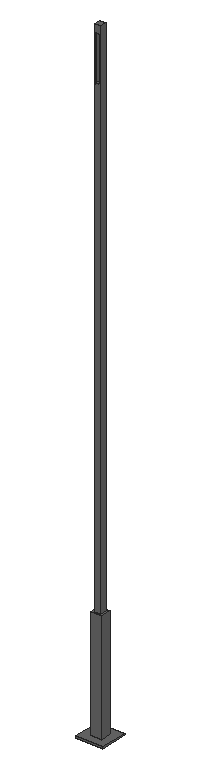
Revit family "Zumtobel SUPERSYSTEM Outdoor Pole", category Lighting Fixtures, Revit 2016
Family settings
  Part Type = Normal
  Round Connector Dimension = Use Diameter
  OmniClass Number = 23.80.70.00
  OmniClass Title = Lighting
  Work Plane-Based = No
  Always vertical = Yes
  Cut with Voids When Loaded = No
  Light Source = No
  Shared = No
  Room Calculation Point = No
Parameters (values of type "FO POLE 6M ST Q100/Q60 CHMM MPL SUS CL")
  Underground Part = no
  URL = "http://www.zumtobel.com/24162591"
  Pole Height = 6000 mm
  Pole = Zumtobel_Metal_Black
  Model = "24162591"
  Manufacturer = "Zumtobel Lighting"  # constant formula
  Description = "SUPERSYSTEM Outdoor Pole"  # constant formula
  Base Plate = yes
Types (5, lengths in mm): name | Underground Part | URL | Pole Height | Model | Base Plate
  (no name) | no | "http://www.zumtobel.com/24162591" | 6000 | "24162591" | yes
  FO POLE 4,5M ST Q100/Q60 CHMM MGS SUS CL | yes | "http://www.zumtobel.com/24162588" | 4500 | "24162588" | no
  FO POLE 4,5M ST Q100/Q60 CHMM MPL SUS CL | no | "http://www.zumtobel.com/24162589" | 4500 | "24162589" | yes
  FO POLE 6M ST Q100/Q60 CHMM MGS SUS CL | yes | "http://www.zumtobel.com/24162590" | 6000 | "24162590" | no
  FO POLE 6M ST Q100/Q60 CHMM MPL SUS CL | no | "http://www.zumtobel.com/24162591" | 6000 | "24162591" | yes
Reference planes
  plane 1 "Light Source Axis (F/B)": y = 0
  plane 2 "Bottom": z = 0
  plane 3 "Light Source Axis (L/R)": x = 0
  plane 4 "Light Source Elevation": z = 5714.5
  plane 5: z = -900
  plane 6: z = 1050
  plane 7: z = 6000
  plane 8: z = 5930
  plane 9: z = 5499
  plane 10: z = 12
Forms (mm)
  Extrusion 1, solid, material "Zumtobel_Metal_Black" <- "Pole", visible <- "Base Plate"
    sketch origin (0, 0, 0) x (1, 0, 0) y (0, 1, 0)
      loop
        line (-130, -130) -> (130, -130) -> (130, 130) -> (-130, 130) -> (-130, -130)
    from 0 to 12
  Extrusion 2, solid, material "Zumtobel_Metal_Black" <- "Pole", visible <- "Base Plate"
    sketch origin (0, 0, 0) x (1, 0, 0) y (0, 1, 0)
      loop
        line (-50, -50) -> (50, -50) -> (50, 50) -> (-50, 50) -> (-50, -50)
    from 12 to 1050
  Extrusion 3, solid, material "Zumtobel_Metal_Black" <- "Pole", visible <- "Underground Part"
    sketch origin (0, 0, -1050) x (1, 0, 0) y (0, 1, 0)
      loop
        line (-50, -50) -> (50, -50) -> (50, 50) -> (-50, 50) -> (-50, -50)
    from 150 to 1050
  Extrusion 4, solid, material "Zumtobel_Metal_Black" <- "Pole"
    sketch origin (0, 0, 1038) x (1, 0, 0) y (0, 1, 0)
      loop
        line (-30, -30) -> (30, -30) -> (30, 30) -> (-30, 30) -> (-30, -30)
    from 12 to 4461
  Extrusion 5, solid, material "Zumtobel_Metal_Black" <- "Pole"
    sketch origin (0, 0, 1539) x (1, 0, 0) y (0, 1, 0)
      loop
        line (-30, -30) -> (30, -30) -> (30, 30) -> (-30, 30) -> (-30, -30)
    from 4391 to 4461
  Extrusion 6, solid, material "Zumtobel_Metal_Black" <- "Pole"
    sketch origin (0, 0, 1469) x (1, 0, 0) y (0, 1, 0)
      loop
        line (-30, -30) -> (-21.733, -30) -> (-21.733, -25) -> (-26, -25) -> (-26, 26) -> (26, 26) -> (26, -25) -> (23.267, -25) -> (23.267, -30) -> (30, -30) -> (30, 30) -> (-30, 30) -> (-30, -30)
    from 4030 to 4461
  Extrusion 7, solid, material "Zumtobel_Metal_Black" <- "Pole", visible <- "Underground Part"
    sketch origin (0, 0, 0) x (1, 0, 0) y (0, 1, 0)
      loop
        line (-50, -50) -> (50, -50) -> (50, 50) -> (-50, 50) -> (-50, -50)
    from 0 to 1050
Cuts and joins
  joined: Extrusion 4, Extrusion 5, Extrusion 6
Dimensions and locks
  plane 2 "Bottom" to plane 5 = 900 mm
  locked: plane 6 to plane 2 "Bottom" at 1050
  plane 7 to plane 8 to plane 9 = 70 mm, 431 mm locked
  equal spacing: plane 8, plane 4 "Light Source Elevation", plane 9
  locked: plane 10 to plane 2 "Bottom" at 12
  "Pole Height": plane 7 to level
  aligned and locked: plane 2 "Bottom" to level
  aligned and locked: plane 6 to Extrusion 2
  aligned and locked: Extrusion 2 to plane 10
  aligned and locked: Extrusion 2 to plane 6
  aligned and locked: plane 2 "Bottom" to Extrusion 3
  aligned and locked: Extrusion 3 to plane 5
  aligned and locked: Extrusion 4 to plane 6
  aligned and locked: plane 9 to Extrusion 4
  aligned and locked: plane 7 to Extrusion 5
  aligned and locked: Extrusion 5 to plane 8
  aligned and locked: plane 8 to Extrusion 6
  aligned and locked: Extrusion 6 to plane 9
  aligned and locked: plane 6 to Extrusion 7
  aligned and locked: Extrusion 7 to plane 2 "Bottom"
Automatic sketch dimensions
  Extrusion 1 sketch curve to plane 3 "Light Source Axis (L/R)" = 130 mm
  plane 3 "Light Source Axis (L/R)" to Extrusion 1 sketch curve = 130 mm
  plane 1 "Light Source Axis (F/B)" to Extrusion 1 sketch curve = 130 mm
  Extrusion 1 sketch curve to plane 1 "Light Source Axis (F/B)" = 130 mm
  Extrusion 2 sketch curve to plane 3 "Light Source Axis (L/R)" = 50 mm
  plane 3 "Light Source Axis (L/R)" to Extrusion 2 sketch curve = 50 mm
  plane 1 "Light Source Axis (F/B)" to Extrusion 2 sketch curve = 50 mm
  Extrusion 2 sketch curve to plane 1 "Light Source Axis (F/B)" = 50 mm
  Extrusion 3 sketch curve to plane 3 "Light Source Axis (L/R)" = 50 mm
  plane 3 "Light Source Axis (L/R)" to Extrusion 3 sketch curve = 50 mm
  plane 1 "Light Source Axis (F/B)" to Extrusion 3 sketch curve = 50 mm
  Extrusion 3 sketch curve to plane 1 "Light Source Axis (F/B)" = 50 mm
  Extrusion 4 sketch curve to plane 3 "Light Source Axis (L/R)" = 30 mm
  plane 3 "Light Source Axis (L/R)" to Extrusion 4 sketch curve = 30 mm
  plane 1 "Light Source Axis (F/B)" to Extrusion 4 sketch curve = 30 mm
  Extrusion 4 sketch curve to plane 1 "Light Source Axis (F/B)" = 30 mm
  Extrusion 5 sketch curve to plane 3 "Light Source Axis (L/R)" = 30 mm
  plane 3 "Light Source Axis (L/R)" to Extrusion 5 sketch curve = 30 mm
  plane 1 "Light Source Axis (F/B)" to Extrusion 5 sketch curve = 30 mm
  Extrusion 5 sketch curve to plane 1 "Light Source Axis (F/B)" = 30 mm
  Extrusion 6 sketch curve to plane 3 "Light Source Axis (L/R)" = 30 mm
  Extrusion 6 sketch curve to Extrusion 6 sketch curve = 4 mm  (x3)
  Extrusion 6 sketch curve to Extrusion 6 sketch curve = 4.267 mm
  plane 3 "Light Source Axis (L/R)" to Extrusion 6 sketch curve = 23.267 mm
  Extrusion 6 sketch curve to Extrusion 6 sketch curve = 2.733 mm
  plane 1 "Light Source Axis (F/B)" to Extrusion 6 sketch curve = 30 mm  (x2)
  Extrusion 6 sketch curve to Extrusion 6 sketch curve = 5 mm  (x2)
  Extrusion 6 sketch curve to plane 1 "Light Source Axis (F/B)" = 26 mm
  Extrusion 7 sketch curve to plane 1 "Light Source Axis (F/B)" = 50 mm
  Extrusion 7 sketch curve to plane 3 "Light Source Axis (L/R)" = 50 mm
  Extrusion 7 sketch curve to Extrusion 7 sketch curve = 100 mm
  plane 1 "Light Source Axis (F/B)" to Extrusion 7 sketch curve = 50 mm
